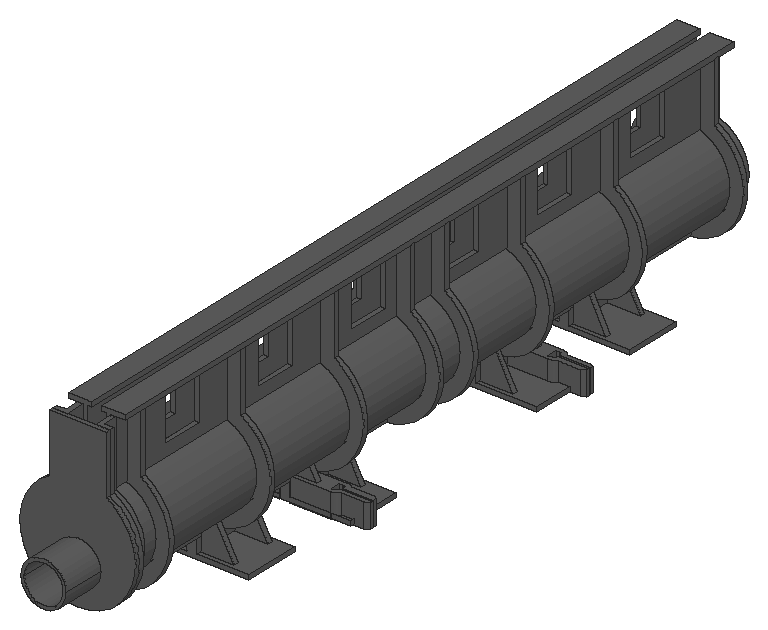
Revit family "Drain_Slotted_Zurn-Z888-4", category Plumbing Fixtures, Revit 2022
Family settings
  Round Connector Dimension = Use Radius
  Part Type = Normal
  OmniClass Number = 23.70.50.21.24
  OmniClass Title = Waste Water Drains
  Work Plane-Based = No
  Always vertical = Yes
  Cut with Voids When Loaded = No
  Maintain Annotation Orientation = No
  Shared = No
  Room Calculation Point = No
Parameters (values of type "Z888-4 with 2 Inch No-Hub End Outlet")
  Vent Connection = 1 = 0  # no
  HW Connection = 1 = 0  # no
  CW Connection = 1 = 0  # no
  Waste Connection = 1 = 1  # yes
  WFU = 1  # constant formula
  URL = "www.zurn.com"
  Type Comments = ""
  Product data url = "https://www.bimobject.com/en-us/zurnindustries/product/z888-4"
  Product Page URL = "https://www.zurn.com/products/drainage-interceptors/trench-drain-systems/linear-trench-drain/general-purpose-drainage-exterior/z888-4"
  Product Documentation Link = "https://files.zurn.com/spec-sheets/z888-4.pdf"
  Pipe Size 'A' (Outer Diameter) = 2.375"
  Pipe Size 'A' (Nominal Radius) = Nominal Diameter / 2  # 1.000"
  Nominal Diameter = 2.000"
  Pipe Size 'A' (Inner Radius) = [Pipe Size 'A' (Inner Diameter)] / 2  # 1.0335"
  Pipe Size 'A' (Outer Radius) = [Pipe Size 'A' (Outer Diameter)] / 2  # 1.1875"
  Pipe Size 'A' (Inner Diameter) = 2.067"
  Modified Date = "03/06/2026"  # constant formula
  Model = "Z888-4"
  Manufacurer Brand = "Zurn"  # constant formula
  Manufacturer = "Zurn Water, LLC"  # constant formula
  Main Material = Polymer - Zurn - LDPE - Black
  HWFU = 0  # constant formula
  Description = "SLOTTED DRAINAGE SYSTEM FOR 4 [102] PIPE OR EQUIVALENT"  # constant formula
  Default Elevation = 20.000"
  Date Created = "01/17/2023"  # constant formula
  CWFU = 0  # constant formula
  Assembly Code = "D2030300"
Types (3): name | Pipe Size 'A' (Outer Diameter) | Pipe Size 'A' (Nominal Radius) | Nominal Diameter | Pipe Size 'A' (Inner Radius) | Pipe Size 'A' (Outer Radius) | Pipe Size 'A' (Inner Diameter) | Main Material
  Z888-4 with 4 Inch No-Hub End Outlet | 4.500" | 2.000" | 4.000" | 2.014" | 2.250" | 4.028" | Polymer - Zurn - HDPE - Black
  Z888-4 with 3 Inch No-Hub End Outlet | 3.500" | 1.500" | 3.000" | 1.534" | 1.750" | 3.068" | Polymer - Zurn - HDPE - Black
  Z888-4 with 2 Inch No-Hub End Outlet | 2.375" | 1.000" | 2.000" | 1.0335" | 1.1875" | 2.067" | Polymer - Zurn - LDPE - Black
Reference planes (in)
  plane 1 "Center (Front/Back)": y = 0
  plane 2: z = 0
  plane 3 "Center (Left/Right)": x = 0
  plane 4: y = 20
  plane 5: y = -20
  plane 6: x = 1.5
  plane 7: x = -1.5
  plane 8: x = 4.25
  plane 9: x = -4.25
  plane 10: z = -8
  plane 11: y = -21
  plane 12: z = -6
  plane 13: y = -20.75
  plane 14: y = -19
  plane 15: y = -12.375
  plane 16: y = -6.25
  plane 17: y = -1.25
  plane 18: y = 1
  plane 19: y = 6
  plane 20: y = 12.125
  plane 21: y = 18.75
  plane 22: y = 19
  plane 23: y = 12.375
  plane 24: y = 6.25
  plane 25: y = 1.25
  plane 26: y = -1
  plane 27: y = -6
  plane 28: y = -12.125
  plane 29: y = -18.75
  plane 30: z = -10
  plane 31: z = -9.75
  plane 32: y = -13.75
  plane 33: y = -10.75
  plane 34: y = -7.625
  plane 35: y = -4.625
  plane 36: y = 13.75
  plane 37: y = 10.75
  plane 38: y = 7.625
  plane 39: y = 4.625
  plane 40: y = -11
  plane 41: y = -13.5
  plane 42: y = -7.375
  plane 43: y = -4.875
  plane 44: y = -5.125
  plane 45: y = -11.25
  plane 46: y = -13.25
  plane 47: y = -7.125
  plane 48: y = 7.375
  plane 49: y = 7.125
  plane 50: y = 4.875
  plane 51: y = 5.125
  plane 52: y = 11
  plane 53: y = 11.25
  plane 54: y = 13.5
  plane 55: y = 13.25
  plane 56: z = -8.75
  plane 57: y = -21.25
  plane 58: y = -23.5
  plane 59: x = 1
  plane 60: x = -1
  plane 61: z = -6.9665
  plane 62: z = -5.9665
  plane 63: z = -7.9665
Forms (in)
  Extrusion 1, solid, material "Polymer - Zurn - LDPE - Black" <- "Main Material", detail levels fine
    sketch origin (0, 0, 0) x (1, 0, 0) y (0, 0, 1)
      loop
        line (0.25, -0.25) -> (0.5, -0.25) -> (0.5, -4.06351)
        arc (0.5, -4.06351) -> (0, -8) -> (-0.5, -4.06351) r 2
        line (-0.5, -4.06351) -> (-0.5, -0.25) -> (-0.25, -0.25) -> (-0.25, 0) -> (-1.5, 0) -> (-1.5, -0.25) -> (-0.75, -0.25) -> (-0.75, -3.84556)
        arc (-0.75, -3.84556) -> (0, -8.28125) -> (0.75, -3.84556) r 2.28125
        line (0.75, -3.84556) -> (0.75, -0.25) -> (1.5, -0.25) -> (1.5, 0) -> (0.25, 0) -> (0.25, -0.25)
    from -20 to 20
  Extrusion 2, solid, material "Polymer - Zurn - LDPE - Black" <- "Main Material", detail levels fine
    sketch origin (0, 0, 0) x (1, 0, 0) y (0, 0, 1)
      loop
        arc (-1.5, -3.3659) -> (0, -9.03125) -> (1.5, -3.3659) r 3.03125
        line (1.5, -3.3659) -> (1.5, -0.25) -> (0.75, -0.25) -> (0.75, -3.84556)
        arc (0.75, -3.84556) -> (0, -8.28125) -> (-0.75, -3.84556) r 2.28125
        line (-0.75, -3.84556) -> (-0.75, -0.25) -> (-1.5, -0.25) -> (-1.5, -3.3659)
    from 18.75 to 19
  Extrusion 3, solid, material "Polymer - Zurn - LDPE - Black" <- "Main Material", detail levels fine
    sketch origin (0, 0, 0) x (1, 0, 0) y (0, 0, 1)
      loop
        arc (-1, -3.70871) -> (-2.47214, -6.37221) -> (-0.281, -8.48416) r 2.5
        line (-0.281, -8.48416) -> (-0.281, -8.26388)
        arc (-0.281, -8.26388) -> (-2.26851, -6.2408) -> (-0.75, -3.84556) r 2.28125
        line (-0.75, -3.84556) -> (-0.75, -0.28125) -> (-1, -0.28125) -> (-1, -3.70871)
      loop
        line (1, -0.28125) -> (0.75, -0.28125) -> (0.75, -3.84556)
        arc (0.75, -3.84556) -> (2.26851, -6.2408) -> (0.281, -8.26388) r 2.28125
        line (0.281, -8.26388) -> (0.281, -8.48416)
        arc (0.281, -8.48416) -> (2.47214, -6.37221) -> (1, -3.70871) r 2.5
        line (1, -3.70871) -> (1, -0.28125)
    from 20.75 to 20
  Extrusion 4, solid, material "Polymer - Zurn - LDPE - Black" <- "Main Material", detail levels fine
    sketch origin (0, 0, 0) x (1, 0, 0) y (0, 0, 1)
      loop
        line (-0.25, -8.25) -> (-0.25, -9.01) -> (0.25, -9.01) -> (0.25, -8.25) -> (-0.25, -8.25)
    from -20 to 20
  Extrusion 5, solid, material "Polymer - Zurn - LDPE - Black" <- "Main Material", detail levels fine
    sketch origin (9.25, 0, 0) x (1, 0, 0) y (0, 0, 1)
      loop
        arc (-10.75, -3.3659) -> (-9.25, -9.03125) -> (-7.75, -3.3659) r 3.03125
        line (-7.75, -3.3659) -> (-7.75, -0.25) -> (-8.5, -0.25) -> (-8.5, -3.84556)
        arc (-8.5, -3.84556) -> (-9.25, -8.28125) -> (-10, -3.84556) r 2.28125
        line (-10, -3.84556) -> (-10, -0.25) -> (-10.75, -0.25) -> (-10.75, -3.3659)
    from 6 to 6.25
  Extrusion 6, solid, material "Polymer - Zurn - LDPE - Black" <- "Main Material", detail levels fine
    sketch origin (9.25, 0, 0) x (1, 0, 0) y (0, 0, 1)
      loop
        arc (-10.75, -3.3659) -> (-9.25, -9.03125) -> (-7.75, -3.3659) r 3.03125
        line (-7.75, -3.3659) -> (-7.75, -0.25) -> (-8.5, -0.25) -> (-8.5, -3.84556)
        arc (-8.5, -3.84556) -> (-9.25, -8.28125) -> (-10, -3.84556) r 2.28125
        line (-10, -3.84556) -> (-10, -0.25) -> (-10.75, -0.25) -> (-10.75, -3.3659)
    from -1.25 to -1
  Extrusion 7, solid, material "Polymer - Zurn - LDPE - Black" <- "Main Material", detail levels fine
    sketch origin (9.25, 0, 0) x (1, 0, 0) y (0, 0, 1)
      loop
        arc (-10.75, -3.3659) -> (-9.25, -9.03125) -> (-7.75, -3.3659) r 3.03125
        line (-7.75, -3.3659) -> (-7.75, -0.25) -> (-8.5, -0.25) -> (-8.5, -3.84556)
        arc (-8.5, -3.84556) -> (-9.25, -8.28125) -> (-10, -3.84556) r 2.28125
        line (-10, -3.84556) -> (-10, -0.25) -> (-10.75, -0.25) -> (-10.75, -3.3659)
    from 1 to 1.25
  Extrusion 8, solid, material "Polymer - Zurn - LDPE - Black" <- "Main Material", detail levels fine
    sketch origin (9.25, 0, 0) x (1, 0, 0) y (0, 0, 1)
      loop
        arc (-10.75, -3.3659) -> (-9.25, -9.03125) -> (-7.75, -3.3659) r 3.03125
        line (-7.75, -3.3659) -> (-7.75, -0.25) -> (-8.5, -0.25) -> (-8.5, -3.84556)
        arc (-8.5, -3.84556) -> (-9.25, -8.28125) -> (-10, -3.84556) r 2.28125
        line (-10, -3.84556) -> (-10, -0.25) -> (-10.75, -0.25) -> (-10.75, -3.3659)
    from -6.25 to -6
  Extrusion 9, solid, material "Polymer - Zurn - LDPE - Black" <- "Main Material", detail levels fine
    sketch origin (9.25, 0, 0) x (1, 0, 0) y (0, 0, 1)
      loop
        arc (-10.75, -3.3659) -> (-9.25, -9.03125) -> (-7.75, -3.3659) r 3.03125
        line (-7.75, -3.3659) -> (-7.75, -0.25) -> (-8.5, -0.25) -> (-8.5, -3.84556)
        arc (-8.5, -3.84556) -> (-9.25, -8.28125) -> (-10, -3.84556) r 2.28125
        line (-10, -3.84556) -> (-10, -0.25) -> (-10.75, -0.25) -> (-10.75, -3.3659)
    from -12.375 to -12.125
  Extrusion 10, solid, material "Polymer - Zurn - LDPE - Black" <- "Main Material", detail levels fine
    sketch origin (9.25, 0, 0) x (1, 0, 0) y (0, 0, 1)
      loop
        arc (-10.75, -3.3659) -> (-9.25, -9.03125) -> (-7.75, -3.3659) r 3.03125
        line (-7.75, -3.3659) -> (-7.75, -0.25) -> (-8.5, -0.25) -> (-8.5, -3.84556)
        arc (-8.5, -3.84556) -> (-9.25, -8.28125) -> (-10, -3.84556) r 2.28125
        line (-10, -3.84556) -> (-10, -0.25) -> (-10.75, -0.25) -> (-10.75, -3.3659)
    from -19 to -18.75
  Extrusion 11, solid, material "Polymer - Zurn - LDPE - Black" <- "Main Material", detail levels fine
    sketch origin (-10.75, 0, 0) x (1, 0, 0) y (0, 0, 1)
      loop
        arc (9.25, -3.3659) -> (7.78688, -6.63904) -> (10.469, -9.0182) r 3.03125
        line (10.469, -9.0182) -> (10.469, -8.26388)
        arc (10.469, -8.26388) -> (8.48149, -6.2408) -> (10, -3.84556) r 2.28125
        line (10, -3.84556) -> (10, -0.28125) -> (9.25, -0.28125) -> (9.25, -3.3659)
      loop
        line (12.25, -0.28125) -> (11.5, -0.28125) -> (11.5, -3.84556)
        arc (11.5, -3.84556) -> (13.01851, -6.2408) -> (11.031, -8.26388) r 2.28125
        line (11.031, -8.26388) -> (11.031, -9.0182)
        arc (11.031, -9.0182) -> (13.71312, -6.63904) -> (12.25, -3.3659) r 3.03125
        line (12.25, -3.3659) -> (12.25, -0.28125)
    from 20.75 to 21
  Extrusion 12, solid, material "Polymer - Zurn - LDPE - Black" <- "Main Material", detail levels fine
    sketch origin (0, 0, 0) x (1, 0, 0) y (0, 0, 1)
      loop
        line (-3, -9.75) -> (-3, -10) -> (3, -10) -> (3, -9.75) -> (0.25, -9.75) -> (0.25, -9.01) -> (-0.25, -9.01) -> (-0.25, -9.75) -> (-3, -9.75)
    from 10.75 to 13.75
  Extrusion 13, solid, material "Polymer - Zurn - LDPE - Black" <- "Main Material", detail levels fine
    sketch origin (0, 0, 0) x (1, 0, 0) y (0, 0, 1)
      loop
        line (-3, -9.75) -> (-3, -10) -> (3.4462, -10) -> (3.4462, -9.75) -> (0.25, -9.75) -> (0.25, -9.01) -> (-0.25, -9.01) -> (-0.25, -9.75) -> (-3, -9.75)
    from 4.625 to 7.625
  Extrusion 14, solid, material "Polymer - Zurn - LDPE - Black" <- "Main Material", detail levels fine
    sketch origin (0, 0, 0) x (1, 0, 0) y (0, 0, 1)
      loop
        line (-2, -9.75) -> (2, -9.75) -> (1.07353, -8.01287)
        arc (1.07353, -8.01287) -> (0, -8.28125) -> (-1.07353, -8.01287) r 2.28125
        line (-1.07353, -8.01287) -> (-2, -9.75)
    from 11 to 11.25
  Extrusion 15, solid, material "Polymer - Zurn - LDPE - Black" <- "Main Material", detail levels fine
    sketch origin (0, -2.25, 0) x (1, 0, 0) y (0, 0, 1)
      loop
        line (-2, -9.75) -> (2, -9.75) -> (1.07353, -8.01287)
        arc (1.07353, -8.01287) -> (0, -8.28125) -> (-1.07353, -8.01287) r 2.28125
        line (-1.07353, -8.01287) -> (-2, -9.75)
    from 11 to 11.25
  Extrusion 16, solid, material "Polymer - Zurn - LDPE - Black" <- "Main Material", detail levels fine
    sketch origin (0, 3.875, 0) x (1, 0, 0) y (0, 0, 1)
      loop
        line (-2, -9.75) -> (2, -9.75) -> (1.07353, -8.01287)
        arc (1.07353, -8.01287) -> (0, -8.28125) -> (-1.07353, -8.01287) r 2.28125
        line (-1.07353, -8.01287) -> (-2, -9.75)
    from 11 to 11.25
  Extrusion 17, solid, material "Polymer - Zurn - LDPE - Black" <- "Main Material", detail levels fine
    sketch origin (0, 0, 0) x (1, 0, 0) y (0, 1, 0)
      loop
        line (-2.75, 7.375) -> (-2.75, 6.875) -> (-2.91149, 6.875)
        arc (-2.91149, 6.875) -> (-3.06458, 6.92736) -> (-3.15355, 7.0625) r 0.25
        line (-3.15355, 7.0625) -> (-4.25, 7.0625) -> (-4.25, 6.9375) -> (-4, 6.8125) -> (-3.3018, 6.8125)
        arc (-3.3018, 6.8125) -> (-3.12799, 6.67431) -> (-2.91149, 6.625) r 0.5
        line (-2.91149, 6.625) -> (-0.25, 6.625) -> (-0.25, 7.625) -> (-2.91149, 7.625)
        arc (-2.91149, 7.625) -> (-3.12799, 7.57569) -> (-3.3018, 7.4375) r 0.5
        line (-3.3018, 7.4375) -> (-4, 7.4375) -> (-4.25, 7.3125) -> (-4.25, 7.1875) -> (-3.15355, 7.1875)
        arc (-3.15355, 7.1875) -> (-3.06458, 7.32264) -> (-2.91149, 7.375) r 0.25
        line (-2.91149, 7.375) -> (-2.75, 7.375)
      loop
        line (2.25, 7.375) -> (2.41149, 7.375)
        arc (2.41149, 7.375) -> (2.56458, 7.32264) -> (2.65355, 7.1875) r 0.25
        line (2.65355, 7.1875) -> (4.25, 7.1875) -> (4.25, 7.3125) -> (4, 7.4375) -> (2.8018, 7.4375)
        arc (2.8018, 7.4375) -> (2.62799, 7.57569) -> (2.41149, 7.625) r 0.5
        line (2.41149, 7.625) -> (0.25, 7.625) -> (0.25, 6.625) -> (2.41149, 6.625)
        arc (2.41149, 6.625) -> (2.62799, 6.67431) -> (2.8018, 6.8125) r 0.5
        line (2.8018, 6.8125) -> (4, 6.8125) -> (4.25, 6.9375) -> (4.25, 7.0625) -> (2.65355, 7.0625)
        arc (2.65355, 7.0625) -> (2.56458, 6.92736) -> (2.41149, 6.875) r 0.25
        line (2.41149, 6.875) -> (2.25, 6.875) -> (2.25, 7.375)
      loop
        line (-2.75, -7.375) -> (-2.91149, -7.375)
        arc (-2.91149, -7.375) -> (-3.06458, -7.32264) -> (-3.15355, -7.1875) r 0.25
        line (-3.15355, -7.1875) -> (-4.25, -7.1875) -> (-4.25, -7.3125) -> (-4, -7.4375) -> (-3.3018, -7.4375)
        arc (-3.3018, -7.4375) -> (-3.12799, -7.57569) -> (-2.91149, -7.625) r 0.5
        line (-2.91149, -7.625) -> (-0.25, -7.625) -> (-0.25, -6.625) -> (-2.91149, -6.625)
        arc (-2.91149, -6.625) -> (-3.12799, -6.67431) -> (-3.3018, -6.8125) r 0.5
        line (-3.3018, -6.8125) -> (-4, -6.8125) -> (-4.25, -6.9375) -> (-4.25, -7.0625) -> (-3.15355, -7.0625)
        arc (-3.15355, -7.0625) -> (-3.06458, -6.92736) -> (-2.91149, -6.875) r 0.25
        line (-2.91149, -6.875) -> (-2.75, -6.875) -> (-2.75, -7.375)
      loop
        line (2.25, -7.375) -> (2.25, -6.875) -> (2.41149, -6.875)
        arc (2.41149, -6.875) -> (2.56458, -6.92736) -> (2.65355, -7.0625) r 0.25
        line (2.65355, -7.0625) -> (4.25, -7.0625) -> (4.25, -6.9375) -> (4, -6.8125) -> (2.8018, -6.8125)
        arc (2.8018, -6.8125) -> (2.62799, -6.67431) -> (2.41149, -6.625) r 0.5
        line (2.41149, -6.625) -> (0.25, -6.625) -> (0.25, -7.625) -> (2.41149, -7.625)
        arc (2.41149, -7.625) -> (2.62799, -7.57569) -> (2.8018, -7.4375) r 0.5
        line (2.8018, -7.4375) -> (4, -7.4375) -> (4.25, -7.3125) -> (4.25, -7.1875) -> (2.65355, -7.1875)
        arc (2.65355, -7.1875) -> (2.56458, -7.32264) -> (2.41149, -7.375) r 0.25
        line (2.41149, -7.375) -> (2.25, -7.375)
    from -10 to -8.75
  Extrusion 18, solid, material "Polymer - Zurn - LDPE - Black" <- "Main Material", detail levels fine
    sketch origin (0, 0, 0) x (1, 0, 0) y (0, 0, 1)
      loop
        line (-1.5, -0.28125) -> (-1.5, -3.3659)
        arc (-1.5, -3.3659) -> (-2.99496, -6.46763) -> (-0.62561, -8.96599) r 3.03125
        arc (-0.62561, -8.96599) -> (2.83397, -7.07568) -> (1.5, -3.3659) r 3.03125
        line (1.5, -3.3659) -> (1.5, -0.28125) -> (-1.5, -0.28125)
      loop
        circle (0, -6.9665) r 1.1875
    from 21 to 21.25
  Extrusion 19, solid, material "Polymer - Zurn - LDPE - Black" <- "Main Material", detail levels fine
    sketch origin (0, 0, 0) x (1, 0, 0) y (0, 0, 1)
      loop
        circle (0, -6.9665) r 1.0335
      loop
        circle (0, -6.9665) r 1.1875
    from 20 to 23.5
  Extrusion 20, solid, material "Polymer - Zurn - LDPE - Black" <- "Main Material", detail levels fine
    sketch origin (0, 0, 0) x (1, 0, 0) y (0, 0, 1)
      loop
        arc (-1.5, -3.3659) -> (0, -9.03125) -> (1.5, -3.3659) r 3.03125
        line (1.5, -3.3659) -> (1.5, -0.28125) -> (0.75, -0.28125) -> (0.75, -3.84556)
        arc (0.75, -3.84556) -> (0, -8.28125) -> (-0.75, -3.84556) r 2.28125
        line (-0.75, -3.84556) -> (-0.75, -0.25) -> (-1.5, -0.25) -> (-1.5, -3.3659)
    from 12.125 to 12.375
  Extrusion 21, solid, material "Polymer - Zurn - LDPE - Black" <- "Main Material", detail levels fine
    sketch origin (-8, 0, 0) x (1, 0, 0) y (0, 0, 1)
      loop
        line (5, -9.75) -> (5, -10) -> (11.4462, -10) -> (11.4462, -9.75) -> (8.25, -9.75) -> (8.25, -9.01) -> (7.75, -9.01) -> (7.75, -9.75) -> (5, -9.75)
    from -7.625 to -4.625
  Extrusion 22, solid, material "Polymer - Zurn - LDPE - Black" <- "Main Material", detail levels fine
    sketch origin (0, 0, 0) x (1, 0, 0) y (0, 0, 1)
      loop
        line (-2, -9.75) -> (2, -9.75) -> (1.07353, -8.01287)
        arc (1.07353, -8.01287) -> (0, -8.28125) -> (-1.07353, -8.01287) r 2.28125
        line (-1.07353, -8.01287) -> (-2, -9.75)
    from 4.875 to 5.125
  Extrusion 23, solid, material "Polymer - Zurn - LDPE - Black" <- "Main Material", detail levels fine
    sketch origin (-9.5, 0, 0) x (1, 0, 0) y (0, 0, 1)
      loop
        line (6.5, -9.75) -> (6.5, -10) -> (12.9462, -10) -> (12.9462, -9.75) -> (9.75, -9.75) -> (9.75, -9.01) -> (9.25, -9.01) -> (9.25, -9.75) -> (6.5, -9.75)
    from -13.75 to -10.75
  Extrusion 24, solid, material "Polymer - Zurn - LDPE - Black" <- "Main Material", detail levels fine
    sketch origin (0, 0, 0) x (1, 0, 0) y (0, 0, 1)
      loop
        line (-2, -9.75) -> (2, -9.75) -> (1.07353, -8.01287)
        arc (1.07353, -8.01287) -> (0, -8.28125) -> (-1.07353, -8.01287) r 2.28125
        line (-1.07353, -8.01287) -> (-2, -9.75)
    from -7.375 to -7.125
  Extrusion 25, solid, material "Polymer - Zurn - LDPE - Black" <- "Main Material", detail levels fine
    sketch origin (0, 0, 0) x (1, 0, 0) y (0, 0, 1)
      loop
        line (-2, -9.75) -> (2, -9.75) -> (1.07353, -8.01287)
        arc (1.07353, -8.01287) -> (0, -8.28125) -> (-1.07353, -8.01287) r 2.28125
        line (-1.07353, -8.01287) -> (-2, -9.75)
    from -5.125 to -4.875
  Extrusion 26, solid, material "Polymer - Zurn - LDPE - Black" <- "Main Material", detail levels fine
    sketch origin (0, 0, 0) x (1, 0, 0) y (0, 0, 1)
      loop
        line (-2, -9.75) -> (2, -9.75) -> (1.07353, -8.01287)
        arc (1.07353, -8.01287) -> (0, -8.28125) -> (-1.07353, -8.01287) r 2.28125
        line (-1.07353, -8.01287) -> (-2, -9.75)
    from -11.25 to -11
  Extrusion 27, solid, material "Polymer - Zurn - LDPE - Black" <- "Main Material", detail levels fine
    sketch origin (0, 0, 0) x (1, 0, 0) y (0, 0, 1)
      loop
        line (-2, -9.75) -> (2, -9.75) -> (1.07353, -8.01287)
        arc (1.07353, -8.01287) -> (0, -8.28125) -> (-1.07353, -8.01287) r 2.28125
        line (-1.07353, -8.01287) -> (-2, -9.75)
    from -13.5 to -13.25
  Extrusion 28, void
    sketch origin (0, 0, 0) x (0, 1, 0) y (0, 0, 1)
      loop
        line (14.125, -0.875) -> (14.125, -3.1875) -> (16.4375, -3.1875) -> (16.4375, -0.875) -> (14.125, -0.875)
      loop
        line (8, -0.875) -> (8, -3.1875) -> (10.3125, -3.1875) -> (10.3125, -0.875) -> (8, -0.875)
      loop
        line (1.875, -0.875) -> (1.875, -3.1875) -> (4.1875, -3.1875) -> (4.1875, -0.875) -> (1.875, -0.875)
      loop
        line (-4.25, -0.875) -> (-4.25, -3.1875) -> (-1.9375, -3.1875) -> (-1.9375, -0.875) -> (-4.25, -0.875)
      loop
        line (-10.375, -0.875) -> (-10.375, -3.1875) -> (-8.0625, -3.1875) -> (-8.0625, -0.875) -> (-10.375, -0.875)
      loop
        line (-16.5, -0.875) -> (-16.5, -3.1875) -> (-14.1875, -3.1875) -> (-14.1875, -0.875) -> (-16.5, -0.875)
    from -4.25 to 4.25
Cuts and joins
  joined: Extrusion 3, Extrusion 11
  joined: Extrusion 18, Extrusion 19
  Extrusion 28 cuts Extrusion 1
Lines and regions (in)
  Masking region 1, detail levels fine
    outline origin (0, 0, 0) x (1, 0, 0) y (0, 1, 0)
      loop
        line (-1.1875, -21.25) -> (-1.1875, -23.5) -> (1.1875, -23.5) -> (1.1875, -21.25) -> (-1.1875, -21.25)
  Masking region 2, detail levels fine
    outline origin (0, 0, 0) x (1, 0, 0) y (0, 1, 0)
      loop
        line (-3, -21.25) -> (3.4462, -21.25) -> (3.4462, 20) -> (-3, 20) -> (-3, -21.25)
  model lines, detail levels coarse+medium
    curve 1: line (0, -20, -10) -> (0, 20, -10)
    curve 2: line (0, 20, 0) -> (0, 20, -10)
    curve 3: line (-0.25, 20, 0) -> (0.25, 20, 0)
    curve 4: line (-0.25, -20, 0) -> (-0.25, 20, 0)
    curve 5: line (0.25, -20, 0) -> (-0.25, -20, 0)
    curve 6: line (0.25, 20, 0) -> (0.25, -20, 0)
    curve 7: line (-1, -23.5, -6.9665) -> (1, -23.5, -6.9665)
    curve 8: line (0, -23.5, -5.9665) -> (0, -23.5, -7.9665)
    curve 9: line (0, -23.5, -6.9665) -> (0, -20, -6.9665)
    curve 10: line (0, -20, 0) -> (0, -20, -10)
Dimensions and locks (in)
  equal spacing: plane 5, plane 1 "Center (Front/Back)", plane 4, locked at 20 each
  equal spacing: plane 7, plane 3 "Center (Left/Right)", plane 6, locked at 1.5 each
  locked: plane 7 to plane 6 at 3
  locked: plane 5 to plane 4 at 40
  equal spacing: plane 9, plane 3 "Center (Left/Right)", plane 8, locked at 4.25 each
  locked: plane 9 to plane 8 at 8.5
  locked: level to plane 10 at 8
  locked: Extrusion 1 sketch curve to Extrusion 1 sketch curve at 0.25
  equal spacing: Extrusion 1 sketch curve, plane 3 "Center (Left/Right)", Extrusion 1 sketch curve, locked at 0.25 each
  locked: Extrusion 1 sketch curve to Extrusion 1 sketch curve at 0.5
  locked: level to Extrusion 1 sketch curve at 6
  locked: Extrusion 1 sketch curve to plane 3 "Center (Left/Right)" at 2
  locked: Extrusion 1 sketch curve to plane 3 "Center (Left/Right)" at 2.28125
  locked: level to Extrusion 2 sketch curve at 6
  locked: Extrusion 2 sketch curve to plane 3 "Center (Left/Right)" at 3.03125
  locked: plane 11 to plane 4 at 41
  locked: plane 3 "Center (Left/Right)" to Extrusion 3 sketch curve at 2.5
  Extrusion 3 sketch curve to plane 3 "Center (Left/Right)" to Extrusion 3 sketch curve = 0.281" locked, 0.281" locked
  locked: Extrusion 3 sketch curve to Extrusion 1 at 0.25  (x2)
  locked: level to plane 12 at 6
  locked: Extrusion 3 sketch curve to plane 3 "Center (Left/Right)" at 2.5
  locked: plane 13 to plane 5 at 0.75
  locked: plane 12 to Extrusion 4 sketch curve at 3.01
  locked: plane 12 to Extrusion 4 sketch curve at 2.25
  plane 14 to plane 15 to plane 16 to plane 17 to plane 18 to plane 19 to plane 20 to plane 21 = 6.625" locked, 6.125" locked, 5.000" locked, 2.250" locked, 5.000" locked, 6.125" locked, 6.625" locked
  locked: plane 21 to plane 22 at 0.25
  locked: plane 20 to plane 23 at 0.25
  locked: plane 19 to plane 24 at 0.25
  locked: plane 18 to plane 25 at 0.25
  locked: plane 17 to plane 26 at 0.25
  locked: plane 16 to plane 27 at 0.25
  locked: plane 15 to plane 28 at 0.25
  locked: plane 14 to plane 29 at 0.25
  locked: plane 5 to plane 14 at 1
  locked: level to plane 30 at 10
  locked: plane 31 to plane 30 at 0.25
  equal spacing: Extrusion 12 sketch curve, plane 3 "Center (Left/Right)", Extrusion 12 sketch curve
  locked: Extrusion 12 sketch curve to Extrusion 12 sketch curve at 6
  locked: plane 28 to plane 33 at 1.375
  locked: plane 32 to plane 15 at 1.375
  locked: plane 34 to plane 16 at 1.375
  locked: plane 27 to plane 35 at 1.375
  locked: plane 23 to plane 36 at 1.375
  locked: plane 37 to plane 20 at 1.375
  locked: plane 24 to plane 38 at 1.375
  locked: plane 39 to plane 19 at 1.375
  equal spacing: Extrusion 14 sketch curve, plane 3 "Center (Left/Right)", Extrusion 14 sketch curve, locked at 2 each
  locked: Extrusion 14 sketch curve to Extrusion 14 sketch curve at 4
  Extrusion 15 sketch curve to plane 3 "Center (Left/Right)" to Extrusion 15 sketch curve = 2.000" locked, 2.000" locked
  plane 45 to plane 40 to plane 33 = 0.250" locked, 0.250" locked
  plane 32 to plane 41 to plane 46 = 0.250" locked, 0.250" locked
  plane 44 to plane 43 to plane 35 = 0.250" locked, 0.250" locked
  plane 34 to plane 42 to plane 47 = 0.250" locked, 0.250" locked
  Extrusion 16 sketch curve to plane 3 "Center (Left/Right)" to Extrusion 16 sketch curve = 2.000" locked, 2.000" locked
  locked: level to cut or joined group of Extrusion 3, Extrusion 11 at 0.28125
  locked: Extrusion 17 to Extrusion 1 at 0.5
  locked: plane 56 to plane 30 at 1.25
  locked: Extrusion 17 sketch curve to Extrusion 1 at 2.5
  locked: Extrusion 17 sketch curve to plane 48 at 0.5
  plane 38 to Extrusion 17 sketch curve to Extrusion 17 sketch curve to Extrusion 17 sketch curve to Extrusion 17 sketch curve = 0.1875" locked, 0.250" locked, 0.125" locked, 0.250" locked  (x2)
  locked: plane 38 to Extrusion 17 sketch curve at 1
  Extrusion 17 sketch curve to plane 24 = 0.375"
  Extrusion 17 sketch curve to plane 37 = 3.125"
  Extrusion 17 sketch curve to Extrusion 17 sketch curve to Extrusion 17 sketch curve to Extrusion 17 sketch curve = 0.250" locked, 0.125" locked, 0.250" locked  (x2)
  locked: plane 57 to plane 11 at 0.25
  "Pipe Size 'A' (Inner Radius)": Extrusion 19 sketch curve to plane 10  (x2)
  locked: plane 58 to plane 57 at 2.25
  "Pipe Size 'A' (Inner Radius)": Extrusion 18 sketch curve to plane 10
  "Pipe Size 'A' (Inner Radius)": plane 61 to plane 10
  "Pipe Size 'A' (Nominal Radius)": plane 62 to plane 61
  "Pipe Size 'A' (Nominal Radius)": plane 61 to plane 63
  "Pipe Size 'A' (Nominal Radius)": plane 59 to plane 3 "Center (Left/Right)" to plane 60
  Extrusion 1 sketch curve to plane 3 "Center (Left/Right)" to Extrusion 1 sketch curve = 0.500" locked, 0.500" locked
  locked: level to Extrusion 3 sketch curve at 0.28125
  Extrusion 12 sketch curve to plane 3 "Center (Left/Right)" to Extrusion 12 sketch curve = 0.250" locked, 0.250" locked
  locked: Extrusion 12 sketch curve to plane 30 at 0.99
  "Pipe Size 'A' (Outer Radius)": Masking region 1 sketch curve to plane 3 "Center (Left/Right)" to Masking region 1 sketch curve
  Extrusion 17 sketch curve to plane 3 "Center (Left/Right)" to Extrusion 17 sketch curve = 4.000" locked, 4.000" locked
  locked: Extrusion 28 sketch curve to Extrusion 28 sketch curve at 2.3125
  locked: level to Extrusion 28 sketch curve at 0.875
  Extrusion 28 sketch curve to Extrusion 28 sketch curve to Extrusion 28 sketch curve to Extrusion 28 sketch curve to Extrusion 28 sketch curve to Extrusion 28 sketch curve to plane 1 "Center (Front/Back)" to Extrusion 28 sketch curve to Extrusion 28 sketch curve to Extrusion 28 sketch curve to Extrusion 28 sketch curve to Extrusion 28 sketch curve to Extrusion 28 sketch curve = 2.3125" locked, 3.8125" locked, 2.3125" locked, 3.8125" locked, 2.3125" locked, 1.9375" locked, 1.875" locked, 2.3125" locked, 3.8125" locked, 2.3125" locked, 3.8125" locked, 2.3125" locked
  "Pipe Size 'A' (Inner Radius)": radius of Extrusion 19 sketch curve
  "Pipe Size 'A' (Outer Radius)": radius of Extrusion 19 sketch curve
  "Pipe Size 'A' (Outer Radius)": radius of Extrusion 18 sketch curve
  aligned and locked: plane 2 to level
  aligned and locked: Extrusion 1 sketch curve to plane 7
  aligned and locked: Extrusion 1 sketch curve to plane 6
  aligned and locked: Extrusion 1 sketch curve to level
  aligned and locked: level to Extrusion 1 sketch curve
  aligned and locked: Extrusion 1 sketch curve to Extrusion 1 sketch curve  (x3)
  aligned and locked: plane 3 "Center (Left/Right)" to Extrusion 1 sketch curve  (x2)
  aligned and locked: Extrusion 1 to plane 4
  aligned and locked: plane 5 to Extrusion 1
  aligned and locked: Extrusion 2 sketch curve to Extrusion 1  (x5)
  aligned and locked: plane 3 "Center (Left/Right)" to Extrusion 2 sketch curve
  aligned and locked: plane 7 to Extrusion 2 sketch curve
  aligned and locked: Extrusion 2 sketch curve to plane 6
  aligned and locked: Extrusion 1 to Extrusion 3 sketch curve
  aligned and locked: Extrusion 3 sketch curve to Extrusion 1  (x3)
  aligned and locked: plane 3 "Center (Left/Right)" to Extrusion 3 sketch curve  (x2)
  aligned and locked: Extrusion 3 sketch curve to Extrusion 3 sketch curve
  aligned and locked: plane 12 to Extrusion 3 sketch curve  (x2)
  aligned and locked: plane 5 to Extrusion 3
  aligned and locked: plane 13 to Extrusion 3
  aligned and locked: Extrusion 4 sketch curve to Extrusion 1
  aligned and locked: Extrusion 1 to Extrusion 4 sketch curve
  aligned and locked: Extrusion 4 to plane 4
  aligned and locked: plane 5 to Extrusion 4
  aligned and locked: Extrusion 2 to plane 29
  aligned and locked: plane 14 to Extrusion 2
  aligned and locked: Extrusion 5 to plane 27
  aligned and locked: plane 16 to Extrusion 5
  aligned and locked: Extrusion 5 sketch curve to Extrusion 3  (x3)
  aligned and locked: Extrusion 5 sketch curve to Extrusion 2  (x3)
  aligned and locked: Extrusion 7 to plane 26
  aligned and locked: plane 17 to Extrusion 7
  aligned and locked: Extrusion 6 to plane 25
  aligned and locked: plane 18 to Extrusion 6
  aligned and locked: Extrusion 7 sketch curve to Extrusion 2
  aligned and locked: Extrusion 7 sketch curve to Extrusion 3
  aligned and locked: Extrusion 6 sketch curve to Extrusion 3  (x3)
  aligned and locked: Extrusion 6 sketch curve to Extrusion 2
  aligned and locked: Extrusion 10 to plane 22
  aligned and locked: plane 21 to Extrusion 10
  aligned and locked: Extrusion 9 to plane 23
  aligned and locked: plane 20 to Extrusion 9
  aligned and locked: Extrusion 8 to plane 24
  aligned and locked: plane 19 to Extrusion 8
  aligned and locked: Extrusion 10 sketch curve to Extrusion 3  (x3)
  aligned and locked: Extrusion 10 sketch curve to Extrusion 2  (x2)
  aligned and locked: Extrusion 9 sketch curve to Extrusion 2  (x3)
  aligned and locked: Extrusion 9 sketch curve to Extrusion 3
  aligned and locked: Extrusion 8 sketch curve to Extrusion 2  (x3)
  aligned and locked: Extrusion 8 sketch curve to Extrusion 3  (x3)
  aligned and locked: Extrusion 11 to Extrusion 3
  aligned and locked: plane 11 to Extrusion 11
  aligned and locked: Extrusion 11 sketch curve to Extrusion 3  (x3)
  aligned and locked: Extrusion 11 sketch curve to Extrusion 2
  aligned and locked: plane 30 to Extrusion 12 sketch curve
  aligned and locked: Extrusion 12 sketch curve to plane 31  (x2)
  aligned and locked: Extrusion 12 to plane 33
  aligned and locked: plane 32 to Extrusion 12
  aligned and locked: Extrusion 13 to plane 35
  aligned and locked: plane 34 to Extrusion 13
  aligned and locked: Extrusion 13 sketch curve to plane 31  (x2)
  aligned and locked: Extrusion 14 to plane 40
  aligned and locked: plane 45 to Extrusion 14
  aligned and locked: Extrusion 15 to plane 46
  aligned and locked: plane 41 to Extrusion 15
  aligned and locked: Extrusion 15 sketch curve to cut or joined group of Extrusion 3, Extrusion 11
  aligned and locked: Extrusion 15 sketch curve to plane 31
  aligned and locked: Extrusion 16 sketch curve to cut or joined group of Extrusion 3, Extrusion 11
  aligned and locked: Extrusion 16 sketch curve to Extrusion 15  (x2)
  aligned and locked: Extrusion 11 sketch curve to Extrusion 11 sketch curve
  aligned and locked: Extrusion 17 sketch curve to plane 9
  aligned and locked: plane 9 to Extrusion 17 sketch curve
  aligned and locked: Extrusion 17 to plane 30
  aligned and locked: plane 56 to Extrusion 17
  aligned and locked: Extrusion 17 sketch curve to Extrusion 1
  aligned and locked: Extrusion 17 sketch curve to plane 48
  aligned and locked: plane 38 to Extrusion 17 sketch curve
  aligned and locked: Extrusion 17 sketch curve to Extrusion 17 sketch curve  (x2)
  aligned and locked: plane 7 to Extrusion 18 sketch curve
  aligned and locked: Extrusion 18 sketch curve to plane 6
  aligned and locked: Extrusion 18 to plane 11
  aligned and locked: plane 57 to Extrusion 18
  aligned and locked: Extrusion 18 sketch curve to cut or joined group of Extrusion 3, Extrusion 11  (x3)
  aligned and locked: plane 3 "Center (Left/Right)" to Extrusion 19 sketch curve  (x2)
  aligned and locked: Extrusion 19 to plane 5
  aligned and locked: plane 58 to Extrusion 19
  aligned and locked: plane 3 "Center (Left/Right)" to Extrusion 18 sketch curve
  aligned and locked: level to curve 2
  aligned and locked: plane 4 to curve 1
  aligned and locked: plane 4 to curve 2
  aligned and locked: plane 30 to curve 2
  aligned and locked: curve 3 to Extrusion 1
  aligned and locked: curve 4 to Extrusion 1
  aligned and locked: cut or joined group of Extrusion 3, Extrusion 11 to curve 5
  aligned and locked: plane 60 to curve 7
  aligned and locked: plane 59 to curve 7
  aligned and locked: curve 7 to plane 61
  aligned and locked: plane 63 to curve 8
  aligned and locked: plane 62 to curve 8
  aligned and locked: curve 8 to plane 3 "Center (Left/Right)"
  aligned and locked: plane 58 to curve 9
  aligned and locked: curve 9 to plane 61
  aligned and locked: level to curve 10
  aligned and locked: plane 5 to curve 10  (x2)
  aligned and locked: plane 30 to curve 10
  aligned and locked: Extrusion 20 to plane 28
  aligned and locked: plane 15 to Extrusion 20
  aligned and locked: Extrusion 20 sketch curve to cut or joined group of Extrusion 18, Extrusion 19  (x3)
  aligned and locked: Extrusion 20 sketch curve to Extrusion 1
  aligned and locked: Extrusion 20 sketch curve to cut or joined group of Extrusion 3, Extrusion 11  (x2)
  aligned and locked: Extrusion 5 sketch curve to Extrusion 1  (x2)
  aligned and locked: Extrusion 7 sketch curve to Extrusion 1  (x2)
  aligned and locked: Extrusion 7 sketch curve to plane 6
  aligned and locked: Extrusion 7 sketch curve to cut or joined group of Extrusion 3, Extrusion 11  (x2)
  aligned and locked: Extrusion 7 sketch curve to cut or joined group of Extrusion 18, Extrusion 19
  aligned and locked: plane 57 to Masking region 1 sketch curve  (x2)
  aligned and locked: plane 58 to Masking region 1 sketch curve
  aligned and locked: plane 38 to Extrusion 21
  aligned and locked: Extrusion 21 to plane 39
  aligned and locked: Extrusion 14 sketch curve to cut or joined group of Extrusion 3, Extrusion 11
  aligned and locked: Extrusion 22 to plane 43
  aligned and locked: plane 44 to Extrusion 22
  aligned and locked: Extrusion 22 sketch curve to Extrusion 15  (x2)
  aligned and locked: Extrusion 22 sketch curve to plane 31
  aligned and locked: Extrusion 14 sketch curve to Extrusion 22  (x2)
  aligned and locked: plane 36 to Extrusion 23
  aligned and locked: Extrusion 23 to plane 37
  aligned and locked: Extrusion 23 sketch curve to plane 31  (x2)
  aligned and locked: plane 30 to Extrusion 21 sketch curve
  aligned and locked: Extrusion 21 sketch curve to plane 31  (x2)
  aligned and locked: Extrusion 21 sketch curve to Extrusion 4
  aligned and locked: Extrusion 23 sketch curve to Extrusion 4
  aligned and locked: Extrusion 17 to Extrusion 23 sketch curve
  aligned and locked: Extrusion 23 sketch curve to Extrusion 17
  aligned and locked: Extrusion 24 to plane 48
  aligned and locked: plane 49 to Extrusion 24
  aligned and locked: plane 50 to Extrusion 25
  aligned and locked: Extrusion 25 to plane 51
  aligned and locked: Extrusion 25 sketch curve to cut or joined group of Extrusion 3, Extrusion 11
  aligned and locked: Extrusion 25 sketch curve to Extrusion 15  (x2)
  aligned and locked: Extrusion 25 sketch curve to plane 31
  aligned and locked: Extrusion 24 sketch curve to cut or joined group of Extrusion 3, Extrusion 11
  aligned and locked: Extrusion 24 sketch curve to Extrusion 15  (x2)
  aligned and locked: Extrusion 24 sketch curve to plane 31
  aligned and locked: Extrusion 26 to plane 53
  aligned and locked: plane 52 to Extrusion 26
  aligned and locked: Extrusion 26 sketch curve to cut or joined group of Extrusion 3, Extrusion 11
  aligned and locked: Extrusion 26 sketch curve to Extrusion 15
  aligned and locked: Extrusion 26 sketch curve to plane 31
  aligned and locked: Extrusion 27 to plane 54
  aligned and locked: plane 55 to Extrusion 27
  aligned and locked: Extrusion 27 sketch curve to cut or joined group of Extrusion 3, Extrusion 11
  aligned and locked: Extrusion 27 sketch curve to plane 31
  aligned and locked: Extrusion 27 sketch curve to Extrusion 15
  aligned and locked: Extrusion 28 sketch curve to Extrusion 28 sketch curve  (x10)
  aligned and locked: Extrusion 28 to plane 9
  aligned and locked: plane 8 to Extrusion 28
  aligned and locked: Masking region 2 sketch curve to plane 4
  aligned and locked: Masking region 2 sketch curve to Extrusion 23  (x2)
  aligned and locked: plane 57 to Masking region 2 sketch curve
  aligned and locked: Extrusion 20 sketch curve to cut or joined group of Extrusion 1, Extrusion 28
Automatic sketch dimensions
  plane 3 "Center (Left/Right)" to curve 5 = 0.250"
  Extrusion 1 sketch curve to Extrusion 1 sketch curve = 0.000"
  Extrusion 1 sketch curve to Extrusion 1 sketch curve = 0.250"  (x2)
  Extrusion 6 sketch curve to plane 7 = 0.000"
  Extrusion 6 sketch curve to plane 6 = 0.000"
  Extrusion 6 sketch curve to level = 0.250"  (x2)
  Extrusion 8 sketch curve to level = 0.250"  (x2)
  Extrusion 9 sketch curve to level = 0.250"  (x2)
  Extrusion 9 sketch curve to plane 3 "Center (Left/Right)" = 0.750"
  Extrusion 9 sketch curve to Extrusion 9 sketch curve = 0.750"
  Extrusion 10 sketch curve to plane 6 = 0.000"
  Extrusion 10 sketch curve to level = 0.250"  (x2)
  Extrusion 11 sketch curve to Extrusion 11 sketch curve = 0.000"  (x4)
  Extrusion 11 sketch curve to plane 7 = 0.000"
  Extrusion 11 sketch curve to plane 6 = 0.000"
  Extrusion 11 sketch curve to level = 0.28125"
  Extrusion 11 sketch curve to plane 3 "Center (Left/Right)" = 0.750"
  plane 3 "Center (Left/Right)" to Extrusion 11 sketch curve = 0.750"
  Extrusion 11 sketch curve to plane 56 = 0.2682"
  Extrusion 11 sketch curve to plane 10 = 0.26388"
  Extrusion 13 sketch curve to plane 56 = 0.260"
  Extrusion 15 sketch curve to plane 10 = 0.01287"  (x2)
  Extrusion 17 sketch curve to Extrusion 17 sketch curve = 0.000"  (x51)
  Extrusion 17 sketch curve to plane 9 = 0.000"  (x2)
  plane 42 to Extrusion 17 sketch curve = 0.000"  (x2)
  plane 47 to Extrusion 17 sketch curve = 0.000"  (x2)
  plane 49 to Extrusion 17 sketch curve = 0.000"  (x2)
  plane 34 to Extrusion 17 sketch curve = 0.000"  (x2)
  plane 48 to Extrusion 17 sketch curve = 0.000"
  Extrusion 17 sketch curve to plane 8 = 0.000"  (x4)
  plane 9 to Extrusion 17 sketch curve = 0.250"  (x3)
  plane 42 to Extrusion 17 sketch curve = 0.0625"
  Extrusion 17 sketch curve to Extrusion 17 sketch curve = 0.6982"
  Extrusion 17 sketch curve to Extrusion 17 sketch curve = 0.39031"
  Extrusion 17 sketch curve to Extrusion 17 sketch curve = 0.5518"
  Extrusion 17 sketch curve to Extrusion 17 sketch curve = 0.16149"  (x3)
  Extrusion 17 sketch curve to plane 3 "Center (Left/Right)" = 0.250"
  plane 3 "Center (Left/Right)" to Extrusion 17 sketch curve = 0.250"  (x2)
  plane 6 to Extrusion 17 sketch curve = 0.750"  (x2)
  plane 47 to Extrusion 17 sketch curve = 0.0625"
  Extrusion 17 sketch curve to plane 8 = 0.250"  (x3)
  Extrusion 17 sketch curve to plane 42 = 0.0625"  (x2)
  Extrusion 17 sketch curve to Extrusion 17 sketch curve = 0.125"  (x4)
  plane 48 to Extrusion 17 sketch curve = 0.0625"  (x2)
  Extrusion 18 sketch curve to plane 56 = 0.21599"
  Extrusion 20 sketch curve to plane 7 = 0.000"
  Extrusion 22 sketch curve to plane 3 "Center (Left/Right)" = 0.000"
  Extrusion 22 sketch curve to plane 12 = 0.000"
  Extrusion 22 sketch curve to plane 10 = 0.01287"
  Extrusion 26 sketch curve to plane 10 = 0.01287"
  plane 6 to Extrusion 26 sketch curve = 0.500"
  Extrusion 27 sketch curve to plane 10 = 0.01287"
  Extrusion 27 sketch curve to plane 7 = 0.500"
  plane 9 to Extrusion 23 sketch curve = 1.250"
  Extrusion 13 sketch curve to plane 30 = 0.000"
  plane 9 to Extrusion 13 sketch curve = 1.250"
  Extrusion 13 sketch curve to plane 3 "Center (Left/Right)" = 0.250"
  plane 3 "Center (Left/Right)" to Extrusion 13 sketch curve = 0.250"
  Extrusion 13 sketch curve to plane 8 = 0.8038"
  plane 9 to Extrusion 21 sketch curve = 1.250"
  Extrusion 21 sketch curve to plane 3 "Center (Left/Right)" = 0.250"
  plane 3 "Center (Left/Right)" to Extrusion 21 sketch curve = 0.250"
  Extrusion 21 sketch curve to plane 8 = 0.8038"
  Extrusion 23 sketch curve to plane 3 "Center (Left/Right)" = 0.250"
  Extrusion 23 sketch curve to plane 8 = 0.8038"
Connectors (in)
  piping at (0, -23.5, -6.9665), diameter 2, driven by "Pipe Size 'A' (Nominal Radius)", driven by "Waste Connection", driven by "Waste Connection"
    settings: on cut or joined group of Extrusion 18, Extrusion 19, index 1, connector inside diameter 24", connector length 0.000", flow factor 0, pipe flow 0 GPM, pressure drop 0.00 psi, fitting loss kfactor 0, connector angle 0.00°, fixture units 0, engagement length 0.000", angle of deflection 0.00°, flow configuration 0, flow direction 2, fitting loss method 0, system type 16, joint type 0, gender type 0, connector reference index -1, connector utility 1, adjustable connector yes, is connector primary yes, connector description "Sanitary Outlet"
